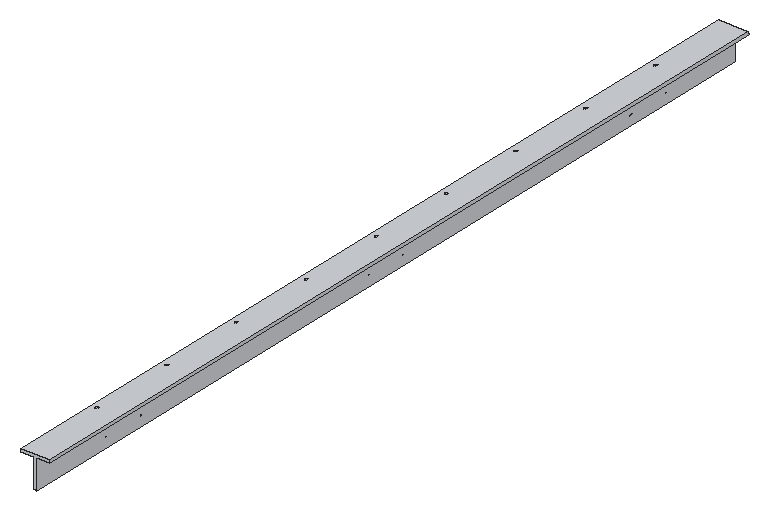
Revit family "GC - Montante", category Generic Models, host Face, Revit 2018
Family settings
  Host = Face
  Can host rebar = No
  Round Connector Dimension = Use Diameter
  Part Type = Normal
  Cut with Voids When Loaded = No
  Shared = No
  Room Calculation Point = No
Parameters
  Montante _ Spessore = 1.00 cm
  Montante _ Raggio Foro = Montante _ Diametro Foro / 2  # 0.50 cm
  Montante _ Posizione Foro Anima Superiore = Montante _ Raggio Foro + 2.00 cm  # 2.50 cm
  Montante _ Posizione Foro Anima Inferiore = Montante _ Raggio Foro + 3.00 cm  # 3.50 cm
  Montante _ Posizione Foro Ala = 2.25 cm
  Montante _ Posizionamento Fori = 30.00 cm
  Montante _ Lunghezza = 300.00 cm
  Montante _ Larghezza Piatto = 10.00 cm
  Montante _ Distanza Fori = 15.00 cm
  Montante _ Diametro Foro = 1.00 cm
  Montante _ Altezza = 10.00 cm
  Default Elevation = 121.92 cm
Reference planes (cm)
  plane 1 "Center (Front/Back)": y = 0
  plane 2: z = 0
  plane 3 "Center (Left/Right)": x = 0
  plane 4: z = 10
  plane 5: x = -1
  plane 6: z = 11
  plane 7: x = 4.5
  plane 8: x = -5.5
  plane 9: x = -0.5
  plane 10: y = -300
  plane 11: y = -30
  plane 12: y = -45
  plane 13: y = -270
  plane 14: y = -255
  plane 15: y = -150
  plane 16: y = -157.5
  plane 17: y = -142.5
  plane 18: z = 7.5
  plane 19: z = 10
  plane 20: z = 3.5
  plane 21: z = 0
  plane 22: x = -3.25
  plane 23: y = -60
  plane 24: y = -90
  plane 25: y = -120
  plane 26: y = -180
  plane 27: y = -240
  plane 28: y = -270
  plane 29: y = -30
  plane 30: y = -150
  plane 31: y = -272.7273
  plane 32: y = -210
Forms (cm)
  Extrusion 1, solid
    sketch origin (0, 0, 0) x (1, 0, 0) y (0, 0, 1)
      loop
        line (4.5, 11) -> (-5.5, 11) -> (-5.5, 10) -> (-1, 10) -> (-1, 0) -> (0, 0) -> (0, 10) -> (4.5, 10) -> (4.5, 11)
    from 0 to 300
  Extrusion 2, void
    sketch origin (0, 0, 0) x (0, 1, 0) y (0, 0, 1)
      loop
        circle (-270, 7.5) r 0.5
      loop
        circle (-255, 7.5) r 0.5
      loop
        circle (-157.5, 7.5) r 0.5
      loop
        circle (-142.5, 7.5) r 0.5
      loop
        circle (-45, 7.5) r 0.5
      loop
        circle (-30, 7.5) r 0.5
    from -19.3486 to 25
  Extrusion 3, void
    sketch origin (0, 0, 0) x (0, 1, 0) y (0, 0, 1)
      loop
        circle (-270, 3.5) r 0.5
      loop
        circle (-255, 3.5) r 0.5
      loop
        circle (-157.5, 3.5) r 0.5
      loop
        circle (-142.5, 3.5) r 0.5
      loop
        circle (-45, 3.5) r 0.5
      loop
        circle (-30, 3.5) r 0.5
    from -24.2341 to 25
  Extrusion 4, void
    sketch origin (0, 0, 0) x (1, 0, 0) y (0, 1, 0)
      loop
        circle (-3.25, -30) r 0.5
      loop
        circle (-3.25, -60) r 0.5
      loop
        circle (-3.25, -90) r 0.5
      loop
        circle (-3.25, -120) r 0.5
      loop
        circle (-3.25, -150) r 0.5
      loop
        circle (-3.25, -180) r 0.5
      loop
        circle (-3.25, -210) r 0.5
      loop
        circle (-3.25, -240) r 0.5
      loop
        circle (-3.25, -270) r 0.5
    from 0 to 25
Cuts and joins
  Extrusion 2, Extrusion 3, Extrusion 4 cuts Extrusion 1
Dimensions and locks (cm)
  "Montante _ Spessore": plane 3 "Center (Left/Right)" to plane 5  (x2)
  "Montante _ Spessore": plane 4 to plane 6
  equal spacing: plane 8, plane 9, plane 7
  "Montante _ Larghezza Piatto": plane 8 to plane 7
  "Montante _ Lunghezza": plane 1 "Center (Front/Back)" to plane 10
  "Montante _ Distanza Fori": plane 12 to plane 11
  "Montante _ Posizionamento Fori": plane 11 to plane 1 "Center (Front/Back)"
  "Montante _ Posizionamento Fori": plane 10 to plane 13
  "Montante _ Distanza Fori": plane 13 to plane 14
  equal spacing: plane 10, plane 15, plane 1 "Center (Front/Back)"
  "Montante _ Lunghezza": plane 10 to plane 1 "Center (Front/Back)"
  equal spacing: plane 16, plane 15, plane 17
  "Montante _ Distanza Fori": plane 16 to plane 17
  "Montante _ Altezza": plane 2 to plane 4
  "Montante _ Posizione Foro Anima Superiore": plane 18 to plane 19
  "Montante _ Posizione Foro Anima Inferiore": plane 21 to plane 20
  equal spacing: plane 8, plane 22, plane 5
  equal spacing: plane 10, plane 28, plane 27, plane 32, plane 26, plane 30, plane 25, plane 24, plane 23, plane 29, plane 1 "Center (Front/Back)"
  "Montante _ Posizione Foro Ala": plane 8 to plane 22
  "Montante _ Raggio Foro": radius of Extrusion 2 sketch curve  (x6)
  "Montante _ Raggio Foro": radius of Extrusion 3 sketch curve  (x6)
  "Montante _ Raggio Foro": radius of Extrusion 4 sketch curve  (x9)
  aligned and locked: plane 2 to host face
  aligned and locked: level to host face
  aligned and locked: plane 6 to Extrusion 1
  aligned and locked: plane 8 to Extrusion 1
  aligned and locked: Extrusion 1 to plane 4  (x2)
  aligned and locked: plane 5 to Extrusion 1
  aligned and locked: Extrusion 1 to plane 2
  aligned and locked: plane 3 "Center (Left/Right)" to Extrusion 1
  aligned and locked: Extrusion 1 to plane 7
  aligned and locked: Extrusion 1 to plane 10
  aligned and locked: plane 19 to plane 4
  aligned and locked: plane 21 to cut or joined group of Extrusion 1, Extrusion 2, Extrusion 3, Extrusion 4
Automatic sketch dimensions
  host sketch curve to host sketch curve = 243.84 cm  (x2)
  plane 8 to Extrusion 1 sketch curve = 0.00 cm
  plane 5 to Extrusion 1 sketch curve = 0.00 cm
  plane 3 "Center (Left/Right)" to Extrusion 1 sketch curve = 0.00 cm
  level to Extrusion 1 sketch curve = 0.00 cm
  Extrusion 1 sketch curve to plane 4 = 0.00 cm  (x2)
  plane 6 to Extrusion 1 sketch curve = 0.00 cm
  Extrusion 1 sketch curve to plane 7 = 0.00 cm
  Extrusion 2 sketch curve to plane 13 = 0.00 cm
  Extrusion 2 sketch curve to plane 14 = 0.00 cm
  Extrusion 2 sketch curve to plane 16 = 0.00 cm
  Extrusion 2 sketch curve to plane 17 = 0.00 cm
  Extrusion 2 sketch curve to plane 12 = 0.00 cm
  Extrusion 2 sketch curve to plane 11 = 0.00 cm
  Extrusion 2 sketch curve to plane 18 = 0.00 cm  (x6)
  Extrusion 3 sketch curve to plane 13 = 0.00 cm
  Extrusion 3 sketch curve to plane 14 = 0.00 cm
  Extrusion 3 sketch curve to plane 16 = 0.00 cm
  Extrusion 3 sketch curve to plane 17 = 0.00 cm
  Extrusion 3 sketch curve to plane 12 = 0.00 cm
  Extrusion 3 sketch curve to plane 11 = 0.00 cm
  Extrusion 3 sketch curve to plane 20 = 0.00 cm  (x6)
  Extrusion 4 sketch curve to plane 11 = 0.00 cm
  Extrusion 4 sketch curve to plane 22 = 0.00 cm  (x9)
  Extrusion 4 sketch curve to plane 15 = 0.00 cm
  Extrusion 4 sketch curve to plane 13 = 0.00 cm
  Extrusion 4 sketch curve to plane 27 = 0.00 cm
  Extrusion 4 sketch curve to plane 32 = 0.00 cm
  Extrusion 4 sketch curve to plane 26 = 0.00 cm
  Extrusion 4 sketch curve to plane 25 = 0.00 cm
  Extrusion 4 sketch curve to plane 24 = 0.00 cm
  Extrusion 4 sketch curve to plane 23 = 0.00 cm
